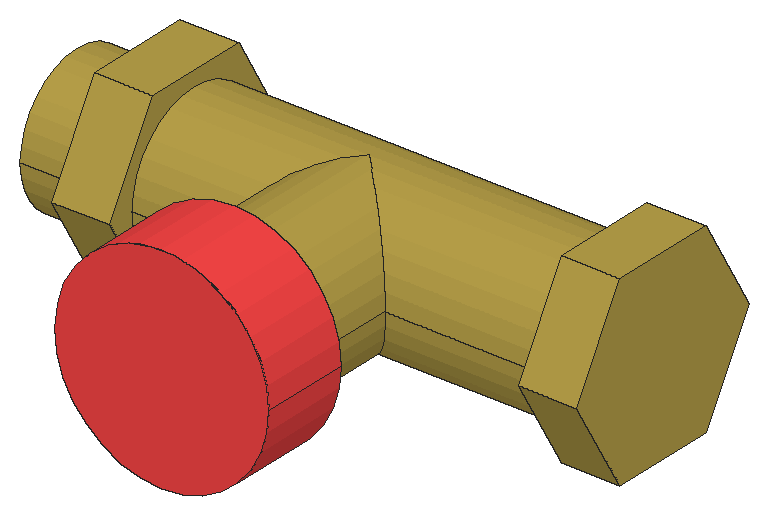
Revit family "Проходной термостатический вентиль «Smax»", category Арматура трубопроводов, Revit 2020
Family settings
  Размер круглого соединителя = Использовать диаметр
  Тип детали = Клапан - Вставляется
  Номер OmniClass = 23.65.55.14.21
  Заголовок OmniClass = Non-Return Valves for Liquid Services
  На основе рабочей плоскости = Нет
  Всегда вертикально = Нет
  При загрузке вырезать с полостями = Нет
  Общий = Да
Parameters (values of type "Dn20")
  Отметка по умолчанию = 0 mm
  Материал клапана = Латунь
  K Coefficient = 1.6
  Толщина крышки = 0.15 * Длина корпуса  # 12.3 mm
  Дуго [instance] = 47.343 mm
  Высота крышки = 36 mm
  Диаметр крышки = 39 mm
  Длина корпуса = 82 mm
  Диаметр корпуса = 0.6 * Диаметр адаптера  # 14.4 mm
  Длина адаптера = 0.1 * Длина корпуса  # 8.2 mm
  Диаметр адаптера = 1.2 * WSR_D1  # 24 mm
  WSR_D1 = 20 mm
  URL = "https://www.weser.ru/about/documentation/"
  Kvs [instance] = 0.0 m³/h
  ADSK_Позиция = ""
  ADSK_Наименование краткое = "Термостатический вентиль"  # constant formula
  ADSK_Наименование = "Проходной термостатический вентиль «Smax» Dn20"
  ADSK_Масса_Текст = ""
  ADSK_Код изделия [instance] = "820880.100"
  ADSK_Завод-изготовитель [instance] = "Weser"  # constant formula
  ADSK_Единица измерения [instance] = "шт."  # constant formula
  ADSK_Группирование [instance] = ""
Types (2, lengths in mm): name | K Coefficient | Диаметр корпуса | Диаметр адаптера | WSR_D1 | ADSK_Наименование | ADSK_Код изделия
  Dn15 | 1 | 10.8 | 18 | 15 | "Проходной термостатический вентиль «Smax»  Dn15" | "820870.100"
  Dn20 | 1.6 | 14.4 | 24 | 20 | "Проходной термостатический вентиль «Smax» Dn20" | "820880.100"
Reference planes
  plane 1 "По центру (Вперед/Назад)": y = 0
  plane 2: z = 0
  plane 3 "По центру (Влево/Вправо)": x = 0
  plane 4: x = -41
  plane 5: x = 41
  plane 6: x = -32.8
  plane 7: z = 23.7
  plane 8: z = 36
  plane 9: z = -10.8
  plane 10: z = -16.8
  plane 11: x = -3.6
  plane 12: x = -10.8
  plane 13: y = 23.671
  plane 14: y = -23.671
  plane 15: x = 32.8
Forms (mm)
  Extrusion 1, solid, material "Латунь" <- "Материал клапана", detail levels fine
    sketch origin (0, 0, 0) x (0, 1, 0) y (0, 0, 1)
      loop
        circle (0, 0) r 11
    from -32.8 to 41
  Extrusion 2, solid, material "Латунь" <- "Материал клапана", detail levels fine
    sketch origin (0, 0, 0) x (1, 0, 0) y (0, 0, 1)
      loop
        circle (0, 0) r 11
    from 0 to 23.671
  Extrusion 3, solid, material "Латунь" <- "Материал клапана", detail levels fine
    sketch origin (-41, 552.765, 1219.2) x (0, 1, 0) y (0, 0, 1)
      loop
        circle (-552.765, -1219.2) r 10
    from 0 to 8.2
  Extrusion 4, solid, material "Латунь" <- "Материал клапана", detail levels fine
    sketch origin (41, 553.047, 1219.2) x (0, 1, 0) y (0, 0, 1)
      loop
        line (-560.287, -1206.171) -> (-567.809, -1219.2) -> (-560.287, -1232.229) -> (-545.243, -1232.229) -> (-537.721, -1219.2) -> (-545.243, -1206.171) -> (-560.287, -1206.171)
    from 0 to -8.2
  Extrusion 5, solid, material "Латунь" <- "Материал клапана", detail levels fine
    sketch origin (-24.6, 553.047, 1219.2) x (0, 1, 0) y (0, 0, 1)
      loop
        line (-560.287, -1206.171) -> (-567.809, -1219.2) -> (-560.287, -1232.229) -> (-545.243, -1232.229) -> (-537.721, -1219.2) -> (-545.243, -1206.171) -> (-560.287, -1206.171)
    from 0 to -8.2
  Extrusion 6, solid, material "Пластик Красный", detail levels fine
    sketch origin (-152.652, -23.671, 1219.2) x (-1, 0, 0) y (0, 0, 1)
      loop
        circle (-152.652, -1219.2) r 15
    from -12.724 to 0
Cuts and joins
  joined: Extrusion 1, Extrusion 2, Extrusion 3, Extrusion 4, Extrusion 5
Dimensions and locks
  equal spacing: plane 4, plane 3 "По центру (Влево/Вправо)", plane 5
  "Длина корпуса": plane 4 to plane 5
  "Длина адаптера": plane 4 to plane 6
  "Толщина крышки": plane 8 to plane 7
  "Высота крышки": plane 8 to plane 2
  locked: plane 2 to plane 9 at 10.8
  locked: plane 9 to plane 10 at 6
  locked: plane 3 "По центру (Влево/Вправо)" to plane 11 at 3.6
  locked: plane 3 "По центру (Влево/Вправо)" to plane 12 at 10.8
  "Длина адаптера": plane 15 to plane 5
  "Дуго": plane 13 to plane 14
  equal spacing: plane 13, plane 1 "По центру (Вперед/Назад)", plane 14
  "WSR_D1": diameter of Extrusion 3 sketch curve
  aligned and locked: plane 2 to Extrusion 1 sketch curve
  aligned and locked: plane 1 "По центру (Вперед/Назад)" to Extrusion 1 sketch curve
  aligned and locked: Extrusion 1 to plane 6
  aligned and locked: plane 3 "По центру (Влево/Вправо)" to Extrusion 2 sketch curve
  aligned and locked: cut or joined group of Extrusion 1, Extrusion 2, Extrusion 3, Extrusion 4, Extrusion 5 to plane 14
  aligned and locked: plane 6 to Extrusion 3
  aligned and locked: Extrusion 3 to plane 4
  aligned and locked: Extrusion 2 to plane 1 "По центру (Вперед/Назад)"
  aligned and locked: plane 5 to Extrusion 1
  aligned and locked: Extrusion 4 to plane 15
  aligned and locked: Extrusion 6 to cut or joined group of Extrusion 1, Extrusion 2, Extrusion 3, Extrusion 4, Extrusion 5
  aligned and locked: plane 5 to nested 1
  aligned and locked: nested 1 to plane 1 "По центру (Вперед/Назад)"
Automatic sketch dimensions
  Extrusion 2 sketch curve to level = 0 mm
  Extrusion 3 sketch curve to level = 0 mm
  Extrusion 3 sketch curve to plane 1 "По центру (Вперед/Назад)" = 0 mm
  Extrusion 5 sketch curve to level = 0 mm  (x2)
  plane 14 to Extrusion 5 sketch curve = 8.91 mm
  plane 1 "По центру (Вперед/Назад)" to Extrusion 5 sketch curve = 7.24 mm  (x2)
  Extrusion 5 sketch curve to plane 9 = 2.229 mm
  Extrusion 5 sketch curve to plane 1 "По центру (Вперед/Назад)" = 7.804 mm  (x2)
  Extrusion 5 sketch curve to plane 13 = 8.345 mm
  Extrusion 5 sketch curve to plane 7 = 10.671 mm
  Extrusion 6 sketch curve to level = 0 mm
  Extrusion 6 sketch curve to plane 3 "По центру (Влево/Вправо)" = 0 mm
  radius of Extrusion 2 sketch curve = 11 mm
  radius of Extrusion 1 sketch curve = 11 mm
  radius of Extrusion 6 sketch curve = 15 mm
Nested families
  nested 1: "УГО Клапан регулирующий проходной" at (0, 0, 0) x (-1, 0, 0) z (0, 0, 1), D <- "Дуго", L <- "Длина корпуса", type "УГО Клапан регулирующий проходной", detail levels coarse+medium
    with УГО в разрезе no, УГО в плане yes, L1 13.667 mm, L 82 mm, H 47.343 mm, D 47.343 mm, ADSK_Позиция "", ADSK_Обозначение "", ADSK_Наименование "", ADSK_Код изделия ""
Connectors
  piping at (-32.8, 0.282, 0), diameter 20, driven by "WSR_D1"
    settings: on cut or joined group of Extrusion 1, Extrusion 2, Extrusion 3, Extrusion 4, Extrusion 5, index 1, connector inside diameter 609.6 mm, connector length 0 mm, flow factor 0, pipe flow 0.0 m³/h, pressure drop 0.0 Pa, fitting loss kfactor 0, connector angle 0.00°, fixture units 0, engagement length 0 mm, angle of deflection 0.00°, flow configuration 0, flow direction 0, fitting loss method 0, system type 29, joint type 0, gender type 0, connector reference index 2, connector utility 0, adjustable connector no, is connector primary yes, connector description ""
  piping at (41, 0.282, 0), diameter 20, driven by "WSR_D1"
    settings: on cut or joined group of Extrusion 1, Extrusion 2, Extrusion 3, Extrusion 4, Extrusion 5, index 2, connector inside diameter 609.6 mm, connector length 0 mm, flow factor 0, pipe flow 0.0 m³/h, pressure drop 0.0 Pa, fitting loss kfactor 0, connector angle 0.00°, fixture units 0, engagement length 0 mm, angle of deflection 0.00°, flow configuration 0, flow direction 0, fitting loss method 0, system type 29, joint type 0, gender type 0, connector reference index 1, connector utility 0, adjustable connector no, is connector primary no, connector description ""
  piping at (0, -23.671, 0), diameter 30
    settings: on Extrusion 6, index 3, connector inside diameter 609.6 mm, connector length 0 mm, flow factor 0, pipe flow 0.0 m³/h, pressure drop 0.0 Pa, fitting loss kfactor 0, connector angle 0.00°, fixture units 0, engagement length 0 mm, angle of deflection 0.00°, flow configuration 0, flow direction 0, fitting loss method 0, system type 28, joint type 0, gender type 0, connector reference index -1, connector utility 0, adjustable connector no, is connector primary no, connector description ""
Definition of nested family "УГО Клапан регулирующий проходной"
  Parameters (values of type "УГО Клапан запорно-балансировочный ручной")
    УГО в разрезе [instance] = not(УГО в плане)  # no
    УГО в плане [instance] = yes
    Разработчик (телефон) = ""
    Разработчик (email) = ""
    Разработчик (URL) = ""
    Разработчик = ""
    Default Elevation = 0 mm
    Manufacturer = ""
    L1 [instance] = L / 6  # 16.667 mm
    L [instance] = 100 mm
    H [instance] = D  # 50 mm
    D [instance] = 50 mm
    ADSK_Позиция [instance] = ""
    ADSK_Обозначение [instance] = ""
    ADSK_Наименование [instance] = ""
    ADSK_Масса = 0
    ADSK_Количество = 1  # constant formula
    ADSK_Код изделия [instance] = ""
    ADSK_Завод-изготовитель = Manufacturer  # ""
    ADSK_Единица измерения = "шт"  # constant formula
    ADSK_URL документации изделия = ""
  Types (3, lengths in mm): name | L1 | L | H | D
    УГО Клапан регулирующий проходной | 33.333 | 200 | 100 | 100
    УГО Клапан запорный | 33.333 | 200 | 100 | 100
    УГО Клапан запорно-балансировочный ручной | 16.667 | 100 | 50 | 50
  Reference planes
    plane 1 "По центру (Вперед/Назад)": y = 0
    plane 2: z = 0
    plane 3 "По центру (Влево/Вправо)": x = 0
    plane 4: x = -50
    plane 5: x = -8.333
    plane 6: x = 50
    plane 7: x = 8.333
    plane 8: y = 50
    plane 9: y = 25
    plane 10: y = -25
    plane 11: z = 25
    plane 12: z = 50
    plane 13: z = -25
  Lines and regions (mm)
    model lines, visible <- "УГО в плане", detail levels coarse+medium
      curve 1: line (-50, 25, 0) -> (-50, -25, 0)
      curve 2: line (-50, -25, 0) -> (50, 25, 0)
      curve 3: line (50, 25, 0) -> (50, -25, 0)
      curve 4: line (50, -25, 0) -> (-50, 25, 0)
      curve 5: line (-8.333, 25, 0) -> (0, 0, 0)
      curve 6: line (0, 0, 0) -> (8.333, 25, 0)
      curve 7: line (8.333, 25, 0) -> (-8.333, 25, 0)
      curve 8: line (0, 50, 0) -> (0, 25, 0)
    model lines, visible <- "УГО в разрезе", detail levels coarse+medium
      curve 9: line (-50, 0, 25) -> (-50, 0, -25)
      curve 10: line (-50, 0, -25) -> (50, 0, 25)
      curve 11: line (50, 0, 25) -> (50, 0, -25)
      curve 12: line (50, 0, -25) -> (-50, 0, 25)
      curve 13: line (0, 0, 0) -> (-8.333, 0, 25)
      curve 14: line (-8.333, 0, 25) -> (8.333, 0, 25)
      curve 15: line (8.333, 0, 25) -> (0, 0, 0)
      curve 16: line (0, 0, 50) -> (0, 0, 25)
    symbolic lines, detail levels coarse+medium
      curve 17: line (-50, 0, 25) -> (-50, 0, -25)
      curve 18: line (-50, 0, -25) -> (50, 0, 25)
      curve 19: line (50, 0, 25) -> (50, 0, -25)
      curve 20: line (50, 0, -25) -> (-50, 0, 25)
      curve 21: line (0, 0, 0) -> (-8.333, 0, 25)
      curve 22: line (-8.333, 0, 25) -> (8.333, 0, 25)
      curve 23: line (8.333, 0, 25) -> (0, 0, 0)
      curve 24: line (0, 0, 25) -> (0, 0, 50)
      curve 25: line (-50, 25, 0) -> (-50, -25, 0)
      curve 26: line (-50, -25, 0) -> (50, 25, 0)
      curve 27: line (50, 25, 0) -> (50, -25, 0)
      curve 28: line (50, -25, 0) -> (-50, 25, 0)
      curve 29: line (0, 0, 0) -> (-8.333, 25, 0)
      curve 30: line (-8.333, 25, 0) -> (8.333, 25, 0)
      curve 31: line (8.333, 25, 0) -> (0, 0, 0)
      curve 32: line (0, 25, 0) -> (0, 50, 0)
  Dimensions and locks
    equal spacing: plane 4, plane 3 "По центру (Влево/Вправо)", plane 6
    "L": plane 4 to plane 6
    equal spacing: plane 5, plane 3 "По центру (Влево/Вправо)", plane 7
    "L1": plane 5 to plane 7
    equal spacing: plane 9, plane 1 "По центру (Вперед/Назад)", plane 10
    "D": plane 9 to plane 10
    "H": plane 8 to plane 1 "По центру (Вперед/Назад)"
    equal spacing: plane 11, level, plane 13
    "D": plane 11 to plane 13
    "H": plane 12 to level
    aligned and locked: level to plane 2
  Automatic sketch dimensions
    curve 15 to level = 0 mm
    curve 16 to plane 3 "По центру (Влево/Вправо)" = 0 mm
    curve 23 to level = 0 mm
    plane 7 to curve 14 = 0 mm
    curve 11 to plane 13 = 0 mm
    curve 16 to plane 12 = 0 mm
    curve 18 to plane 11 = 0 mm
    plane 6 to curve 20 = 0 mm
    curve 20 to plane 11 = 0 mm
    curve 21 to plane 5 = 0 mm
    curve 21 to level = 0 mm
    curve 21 to plane 11 = 0 mm
    curve 23 to plane 3 "По центру (Влево/Вправо)" = 0 mm
    curve 24 to plane 3 "По центру (Влево/Вправо)" = 0 mm
    curve 24 to plane 12 = 0 mm
    curve 9 to plane 4 = 0 mm
    curve 6 to plane 3 "По центру (Влево/Вправо)" = 0 mm
    curve 8 to plane 3 "По центру (Влево/Вправо)" = 0 mm
    curve 6 to plane 9 = 0 mm
    curve 26 to plane 9 = 0 mm
    curve 8 to plane 8 = 0 mm
    plane 10 to curve 25 = 0 mm
    curve 26 to plane 4 = 0 mm
    curve 26 to plane 6 = 0 mm
    plane 10 to curve 28 = 0 mm
    curve 28 to plane 9 = 0 mm
    curve 29 to plane 5 = 0 mm
    curve 29 to plane 3 "По центру (Влево/Вправо)" = 0 mm
    curve 31 to plane 7 = 0 mm
    curve 32 to plane 3 "По центру (Влево/Вправо)" = 0 mm
    curve 32 to plane 8 = 0 mm
